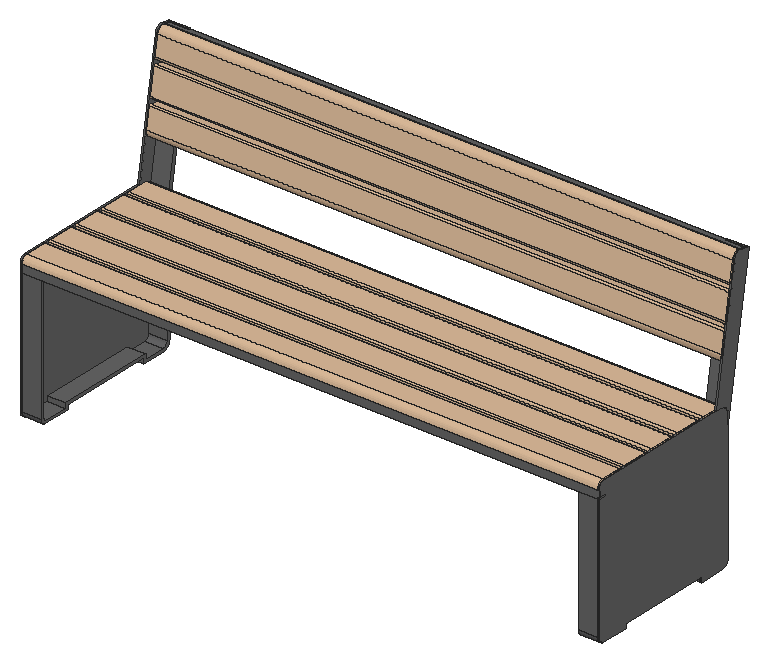
Revit family "1102-S-L", category Meble, Revit 2021
Family settings
  Numer OmniClass = 23.40.20.00
  Tytuł OmniClass = General Furniture and Specialties
  Oparty na płaszczyźnie roboczej = Nie
  Zawsze pionowo = Tak
  Tnij formami wycięć po wczytaniu = Nie
  Współdzielony = Nie
  Punkt obliczania pomieszczeń = Nie
Parameters (values of type "1102-S-L")
  wood = Mobilis Design Wood - Larch
  metal = Mobilis Design RAL 9004
  Width = "58 cm"
  Weight = "80 kg"
  URL = ""
  Seat height = "45 cm"
  Product line = "Centaurus"
  Product Groups = ""
  Manufacturer = ""
  Keynote = ""
  Description = ""
  Model = "1102-S-L"
  Material = ""
  Maintenance = ""
  Lenght = "180 cm"
  Type Comments = ""
  Mobilis Design Materials = ""
  Hosted on = ""
  Height = "86 cm"
  Domyślna rzędna = 0 mm
  Copyright = "All designs and drawings are the common intellectual property of Lars Laj A/S and Tress and are protected by Danish and international copyright laws."
Reference planes
  plane 1 "front": y = 0
  plane 2: z = 0
  plane 3 "Środek (Lewa/Prawa)": x = 0
  plane 4 "left": x = -895
  plane 5 "right": x = 895
  plane 6: x = -835
  plane 7: x = 835
Forms (mm)
  Extrusion 1, solid, material "Mobilis Design Wood - Larch" <- "wood"
    sketch origin (0, -294.501, 21.46) x (0, 1, 0) y (0, 0, 1)
      loop
        arc (260.118, 430.04) -> (256.583, 428.576) -> (255.118, 425.04) r 5
        line (255.118, 425.04) -> (255.118, 388.972)
        arc (255.118, 388.972) -> (255.693, 387.586) -> (257.078, 387.012) r 1.96
        line (257.078, 387.012) -> (342.493, 387.012)
        arc (342.493, 387.012) -> (343.908, 387.598) -> (344.493, 389.012) r 2
        line (344.493, 389.012) -> (344.493, 425.04)
        arc (344.493, 425.04) -> (343.029, 428.576) -> (339.493, 430.04) r 5
        line (339.493, 430.04) -> (260.118, 430.04)
    from -895 to 895
  Extrusion 2, solid, material "Mobilis Design Wood - Larch" <- "wood"
    sketch origin (0, -396.951, 21.46) x (0, 1, 0) y (0, 0, 1)
      loop
        arc (260.118, 430.04) -> (256.583, 428.576) -> (255.118, 425.04) r 5
        line (255.118, 425.04) -> (255.118, 388.972)
        arc (255.118, 388.972) -> (255.693, 387.586) -> (257.078, 387.012) r 1.96
        line (257.078, 387.012) -> (342.493, 387.012)
        arc (342.493, 387.012) -> (343.908, 387.598) -> (344.493, 389.012) r 2
        line (344.493, 389.012) -> (344.493, 425.04)
        arc (344.493, 425.04) -> (343.029, 428.576) -> (339.493, 430.04) r 5
        line (339.493, 430.04) -> (260.118, 430.04)
    from -895 to 895
  Extrusion 3, solid, material "Mobilis Design Wood - Larch" <- "wood"
    sketch origin (0, -499.451, 21.46) x (0, 1, 0) y (0, 0, 1)
      loop
        arc (275.801, 430.04) -> (261.246, 423.784) -> (255.768, 408.918) r 20.061
        line (255.768, 408.918) -> (259.034, 408.918) -> (259.034, 387.013) -> (343.118, 387.013)
        arc (343.118, 387.013) -> (344.532, 387.598) -> (345.117, 389.012) r 1.999
        line (345.117, 389.012) -> (345.117, 425.043)
        arc (345.117, 425.043) -> (343.653, 428.577) -> (340.119, 430.04) r 4.998
        line (340.119, 430.04) -> (275.801, 430.04)
    from -895 to 895
  Extrusion 4, solid, material "Mobilis Design Wood - Larch" <- "wood"
    sketch origin (0, -191.951, 23.25) x (0, 1, 0) y (0, 0, 1)
      loop
        arc (260.118, 428.25) -> (256.583, 426.786) -> (255.118, 423.25) r 5
        line (255.118, 423.25) -> (255.118, 387.182)
        arc (255.118, 387.182) -> (255.693, 385.796) -> (257.078, 385.222) r 1.96
        line (257.078, 385.222) -> (342.493, 385.222)
        arc (342.493, 385.222) -> (343.908, 385.808) -> (344.493, 387.222) r 2
        line (344.493, 387.222) -> (344.493, 423.25)
        arc (344.493, 423.25) -> (343.029, 426.786) -> (339.493, 428.25) r 5
        line (339.493, 428.25) -> (260.118, 428.25)
    from -895 to 895
  Extrusion 5, solid, material "Mobilis Design Wood - Larch" <- "wood"
    sketch origin (0, 649.253, 450.045) x (0, 0.173648, 0.984808) y (0, -0.984808, 0.173648)
      loop
        arc (260.118, 430.036) -> (256.583, 428.571) -> (255.118, 425.036) r 5
        line (255.118, 425.036) -> (255.118, 389.305)
        arc (255.118, 389.305) -> (255.693, 387.919) -> (257.078, 387.345) r 1.96
        line (257.078, 387.345) -> (340.844, 387.345) -> (341.198, 407.626) -> (343.945, 407.626)
        arc (343.945, 407.626) -> (337.497, 423.461) -> (321.714, 430.036) r 22.231
        line (321.714, 430.036) -> (260.118, 430.036)
    from -895 to 895
  Extrusion 6, solid, material "Mobilis Design Wood - Larch" <- "wood"
    sketch origin (0, 631.182, 348.398) x (0, 0.173648, 0.984808) y (0, -0.984808, 0.173648)
      loop
        arc (260.118, 429.703) -> (256.583, 428.239) -> (255.118, 424.703) r 5
        line (255.118, 424.703) -> (255.118, 388.972)
        arc (255.118, 388.972) -> (255.693, 387.586) -> (257.078, 387.012) r 1.96
        line (257.078, 387.012) -> (342.493, 387.012)
        arc (342.493, 387.012) -> (343.908, 387.598) -> (344.493, 389.012) r 2
        line (344.493, 389.012) -> (344.493, 424.703)
        arc (344.493, 424.703) -> (343.029, 428.239) -> (339.493, 429.703) r 5
        line (339.493, 429.703) -> (260.118, 429.703)
    from -895 to 895
  Extrusion 7, solid, material "Mobilis Design RAL 9004" <- "metal", not visible
    sketch origin (0, 0, 0) x (0, 1, 0) y (0, 0, 1)
      loop
        arc (71.187, 451.5) -> (57.045, 445.642) -> (51.187, 431.5) r 20
        line (51.187, 431.5) -> (51.187, 18.231)
        arc (51.187, 18.231) -> (56.527, 5.34) -> (69.418, 0) r 18.231
        line (69.418, 0) -> (153.638, 0) -> (153.638, 15) -> (448.638, 15) -> (448.638, 0) -> (527.023, 0)
        arc (527.023, 0) -> (542.307, 6.331) -> (548.638, 21.615) r 21.615
        line (548.638, 21.615) -> (548.638, 429.407)
        arc (548.638, 429.407) -> (542.168, 445.029) -> (526.545, 451.5) r 22.093
        line (526.545, 451.5) -> (71.187, 451.5)
    from 750.378 to 745
  Extrusion 8, solid, material "Mobilis Design RAL 9004" <- "metal", not visible
    sketch origin (0, 0, 0) x (0, 1, 0) y (0, 0, 1)
      loop
        line (548.638, 396.844) -> (629.375, 854.725) -> (601.836, 859.581)
        arc (601.836, 859.581) -> (585.224, 855.898) -> (576.082, 841.547) r 22.232
        line (576.082, 841.547) -> (507.306, 451.5) -> (526.545, 451.5)
        arc (526.545, 451.5) -> (542.168, 445.029) -> (548.638, 429.407) r 22.093
        line (548.638, 429.407) -> (548.638, 396.844)
    from 745 to 750.378
  Extrusion 9, solid, material "Mobilis Design RAL 9004" <- "metal"
    sketch origin (-150, -294.471, 0) x (0, -1, 0) y (0, 0, 1)
      loop
        line (-71.187, 451.5) -> (-526.545, 451.5)
        arc (-526.545, 451.5) -> (-542.168, 445.029) -> (-548.638, 429.407) r 22.093
        line (-548.638, 429.407) -> (-548.638, 21.615)
        arc (-548.638, 21.615) -> (-542.307, 6.331) -> (-527.023, 0) r 21.615
        line (-527.023, 0) -> (-448.638, 0) -> (-448.638, 15) -> (-153.638, 15) -> (-153.638, 0) -> (-69.418, 0)
        arc (-69.418, 0) -> (-56.527, 5.34) -> (-51.187, 18.231) r 18.231
        line (-51.187, 18.231) -> (-51.187, 431.5)
        arc (-51.187, 431.5) -> (-57.045, 445.642) -> (-71.187, 451.5) r 20
    from 750.378 to 745
  Extrusion 10, solid, material "Mobilis Design RAL 9004" <- "metal"
    sketch origin (-150, -294.471, 0) x (0, -1, 0) y (0, 0, 1)
      loop
        line (-548.638, 396.844) -> (-548.638, 429.407)
        arc (-548.638, 429.407) -> (-542.168, 445.029) -> (-526.545, 451.5) r 22.093
        line (-526.545, 451.5) -> (-507.306, 451.5) -> (-576.082, 841.547)
        arc (-576.082, 841.547) -> (-585.224, 855.898) -> (-601.836, 859.581) r 22.232
        line (-601.836, 859.581) -> (-629.375, 854.725) -> (-548.638, 396.844)
    from 745 to 750.378
  Extrusion 11, solid, material "Mobilis Design RAL 9004" <- "metal"
    sketch origin (0, -294.471, 0) x (0, 1, 0) y (0, 0, 1)
      loop
        line (548.638, 396.844) -> (629.375, 854.725) -> (621.989, 856.027) -> (543.073, 408.472) -> (51.187, 408.472) -> (51.187, 18.763)
        arc (51.187, 18.763) -> (56.683, 5.495) -> (69.95, 0) r 18.763
        line (69.95, 0) -> (153.638, 0) -> (153.638, 15) -> (448.638, 15) -> (448.638, 0) -> (525.342, 0)
        arc (525.342, 0) -> (541.815, 6.823) -> (548.638, 23.296) r 23.296
        line (548.638, 23.296) -> (548.638, 396.844)
      loop
        line (58.687, 400.262) -> (58.687, 18.763)
        arc (58.687, 18.763) -> (61.986, 10.799) -> (69.95, 7.5) r 11.263
        line (69.95, 7.5) -> (146.138, 7.5) -> (146.138, 22.5) -> (456.138, 22.5) -> (456.138, 7.5) -> (525.342, 7.5)
        arc (525.342, 7.5) -> (536.512, 12.127) -> (541.138, 23.296) r 15.796
        line (541.138, 23.296) -> (541.138, 400.262) -> (58.687, 400.262)
    from -895 to -835
  Extrusion 12, solid, material "Mobilis Design RAL 9004" <- "metal"
    sketch origin (0, -294.471, 0) x (0, 1, 0) y (0, 0, -1)
      loop
        line (548.638, -396.844) -> (548.638, -23.296)
        arc (548.638, -23.296) -> (541.815, -6.823) -> (525.342, 0) r 23.296
        line (525.342, 0) -> (448.638, 0) -> (448.638, -15) -> (153.638, -15) -> (153.638, 0) -> (69.95, 0)
        arc (69.95, 0) -> (56.683, -5.495) -> (51.187, -18.763) r 18.763
        line (51.187, -18.763) -> (51.187, -408.472) -> (543.073, -408.472) -> (621.989, -856.027) -> (629.375, -854.725) -> (548.638, -396.844)
      loop
        line (58.687, -400.262) -> (541.138, -400.262) -> (541.138, -23.296)
        arc (541.138, -23.296) -> (536.512, -12.127) -> (525.342, -7.5) r 15.796
        line (525.342, -7.5) -> (456.138, -7.5) -> (456.138, -22.5) -> (146.138, -22.5) -> (146.138, -7.5) -> (69.95, -7.5)
        arc (69.95, -7.5) -> (61.986, -10.799) -> (58.687, -18.763) r 11.263
        line (58.687, -18.763) -> (58.687, -400.262)
    from -895 to -835
  Extrusion 13, solid, material "Mobilis Design RAL 9004" <- "metal"
    sketch origin (0, -294.853, -0.662) x (0, 1, 0) y (0, 0, 1)
      loop
        line (577.11, 584.716) -> (621.09, 836.761) -> (619.018, 837.143) -> (574.771, 585.11) -> (577.11, 584.716)
      loop
        line (528.698, 409.134) -> (71.282, 409.134) -> (71.282, 406.419) -> (528.698, 406.419) -> (528.698, 409.134)
    from -250.845 to -310.616
  Extrusion 14, solid, material "Mobilis Design RAL 9004" <- "metal"
    sketch origin (150, -294.471, 0) x (0, 1, 0) y (0, 0, 1)
      loop
        arc (71.187, 451.5) -> (57.045, 445.642) -> (51.187, 431.5) r 20
        line (51.187, 431.5) -> (51.187, 18.231)
        arc (51.187, 18.231) -> (56.527, 5.34) -> (69.418, 0) r 18.231
        line (69.418, 0) -> (153.638, 0) -> (153.638, 15) -> (448.638, 15) -> (448.638, 0) -> (527.023, 0)
        arc (527.023, 0) -> (542.307, 6.331) -> (548.638, 21.615) r 21.615
        line (548.638, 21.615) -> (548.638, 429.407)
        arc (548.638, 429.407) -> (542.168, 445.029) -> (526.545, 451.5) r 22.093
        line (526.545, 451.5) -> (71.187, 451.5)
    from 750.378 to 745
  Extrusion 15, solid, material "Mobilis Design RAL 9004" <- "metal"
    sketch origin (150, -294.471, 0) x (0, 1, 0) y (0, 0, 1)
      loop
        line (548.638, 396.844) -> (629.375, 854.725) -> (601.836, 859.581)
        arc (601.836, 859.581) -> (585.224, 855.898) -> (576.082, 841.547) r 22.232
        line (576.082, 841.547) -> (507.306, 451.5) -> (526.545, 451.5)
        arc (526.545, 451.5) -> (542.168, 445.029) -> (548.638, 429.407) r 22.093
        line (548.638, 429.407) -> (548.638, 396.844)
    from 745 to 750.378
  Extrusion 16, solid, material "Mobilis Design Wood - Larch" <- "wood"
    sketch origin (0, 509.435, 21.46) x (0, -1, 0) y (0, 0, -1)
      loop
        line (275.801, -430.04) -> (340.119, -430.04)
        arc (340.119, -430.04) -> (343.653, -428.577) -> (345.117, -425.043) r 4.998
        line (345.117, -425.043) -> (345.117, -389.012)
        arc (345.117, -389.012) -> (344.532, -387.598) -> (343.118, -387.013) r 1.999
        line (343.118, -387.013) -> (259.147, -387.013) -> (259.147, -410.827) -> (255.758, -410.827)
        arc (255.758, -410.827) -> (261.919, -424.461) -> (275.801, -430.04) r 20.061
    from -895 to 895
  Extrusion 17, solid, material "Mobilis Design Wood - Larch" <- "wood"
    sketch origin (0, 717.546, 836.251) x (0, -0.173648, -0.984808) y (0, 0.984808, -0.173648)
      loop
        line (260.118, -430.036) -> (321.714, -430.036)
        arc (321.714, -430.036) -> (337.886, -423.059) -> (343.907, -406.508) r 22.231
        line (343.907, -406.508) -> (341.178, -406.508) -> (340.844, -387.345) -> (257.078, -387.345)
        arc (257.078, -387.345) -> (255.693, -387.919) -> (255.118, -389.305) r 1.96
        line (255.118, -389.305) -> (255.118, -425.036)
        arc (255.118, -425.036) -> (256.583, -428.571) -> (260.118, -430.036) r 5
    from -895 to 895
  Extrusion 18, solid, material "Mobilis Design RAL 9004" <- "metal"
    sketch origin (0, -294.869, 0.115) x (0, 1, 0) y (0, 0, 1)
      loop
        line (624.848, 855.34) -> (602.422, 859.474) -> (601.92, 856.629) -> (621.866, 852.952) -> (618.944, 836.381) -> (621.274, 835.952) -> (624.848, 855.34)
    from -895 to 895
  Extrusion 19, solid, material "Mobilis Design RAL 9004" <- "metal"
    sketch origin (0, -15.469, 1582.051) x (0, 0.939693, -0.34202) y (0, 0.34202, 0.939693)
      loop
        line (624.848, -855.34) -> (621.274, -835.952) -> (618.538, -836.456) -> (621.46, -853.027) -> (604.207, -856.208) -> (604.709, -859.052) -> (624.848, -855.34)
    from -835 to 835
  Extrusion 20, solid, material "Mobilis Design RAL 9004" <- "metal"
    sketch origin (0, 710.458, 866.387) x (0, -0.179787, -0.983706) y (0, 0.983706, -0.179787)
      loop
        line (624.609, -855.384) -> (621.035, -835.996) -> (618.391, -836.483) -> (621.46, -853.027) -> (600.091, -856.966) -> (600.593, -859.811) -> (624.609, -855.384)
    from -895 to 900.378
  Extrusion 21, solid, material "Mobilis Design RAL 9004" <- "metal"
    sketch origin (0, -700.184, 866.581) x (0, 0.179787, -0.983706) y (0, 0.983706, 0.179787)
      loop
        line (624.848, 855.34) -> (598.794, 860.143) -> (598.292, 857.294) -> (621.602, 853.034) -> (618.571, 836.45) -> (621.274, 835.952) -> (624.848, 855.34)
    from -835 to 835
  Extrusion 22, solid, material "Mobilis Design RAL 9004" <- "metal"
    sketch origin (0, -294.853, -0.662) x (0, 1, 0) y (0, 0, -1)
      loop
        line (577.11, -584.716) -> (574.771, -585.11) -> (619.018, -837.143) -> (621.09, -836.761) -> (577.11, -584.716)
      loop
        line (528.698, -409.134) -> (528.698, -406.419) -> (71.282, -406.419) -> (71.282, -409.134) -> (528.698, -409.134)
    from -250.845 to -310.616
Lines and regions (mm)
  model lines, style "9"
    curve 1: line (-895, -744.003, 0) -> (-895, -750.003, 0)
    curve 2: line (-895, -444.003, 0) -> (-895, -438.003, 0)
Dimensions and locks
  Extrusion 1 sketch curve to Extrusion 1 sketch curve = 89.375 mm
  Extrusion 1 sketch curve to Extrusion 1 sketch curve = 43.028 mm
  Extrusion 2 sketch curve to Extrusion 2 sketch curve = 89.375 mm
  Extrusion 2 sketch curve to Extrusion 2 sketch curve = 43.028 mm
  Extrusion 3 sketch curve to Extrusion 3 sketch curve = 43.028 mm
  Extrusion 4 sketch curve to Extrusion 4 sketch curve = 89.375 mm
  Extrusion 4 sketch curve to Extrusion 4 sketch curve = 43.028 mm
  Extrusion 5 sketch curve to Extrusion 5 sketch curve = 42.691 mm
  Extrusion 6 sketch curve to Extrusion 6 sketch curve = 89.375 mm
  Extrusion 6 sketch curve to Extrusion 6 sketch curve = 42.691 mm
  Extrusion 16 sketch curve to Extrusion 16 sketch curve = 43.028 mm
  Extrusion 17 sketch curve to Extrusion 17 sketch curve = 42.691 mm
  aligned and locked: level to plane 2
  aligned and locked: plane 5 "right" to Extrusion 1
  aligned and locked: Extrusion 1 to plane 4 "left"
  aligned and locked: plane 5 "right" to Extrusion 4
  aligned and locked: Extrusion 2 to plane 5 "right"
  aligned and locked: Extrusion 3 to plane 5 "right"
  aligned and locked: plane 5 "right" to Extrusion 5
  aligned and locked: plane 5 "right" to Extrusion 6
  aligned and locked: Extrusion 5 to plane 4 "left"
  aligned and locked: Extrusion 6 to plane 4 "left"
  aligned and locked: Extrusion 4 to plane 4 "left"
  aligned and locked: Extrusion 2 to plane 4 "left"
  aligned and locked: plane 4 "left" to Extrusion 3
  aligned and locked: Extrusion 9 to Extrusion 10
  aligned and locked: Extrusion 9 to plane 4 "left"
  aligned and locked: Extrusion 11 to plane 4 "left"
  aligned and locked: Extrusion 11 to plane 6
  aligned and locked: plane 7 to Extrusion 12
  aligned and locked: Extrusion 12 to plane 5 "right"
  aligned and locked: Extrusion 14 to Extrusion 15
